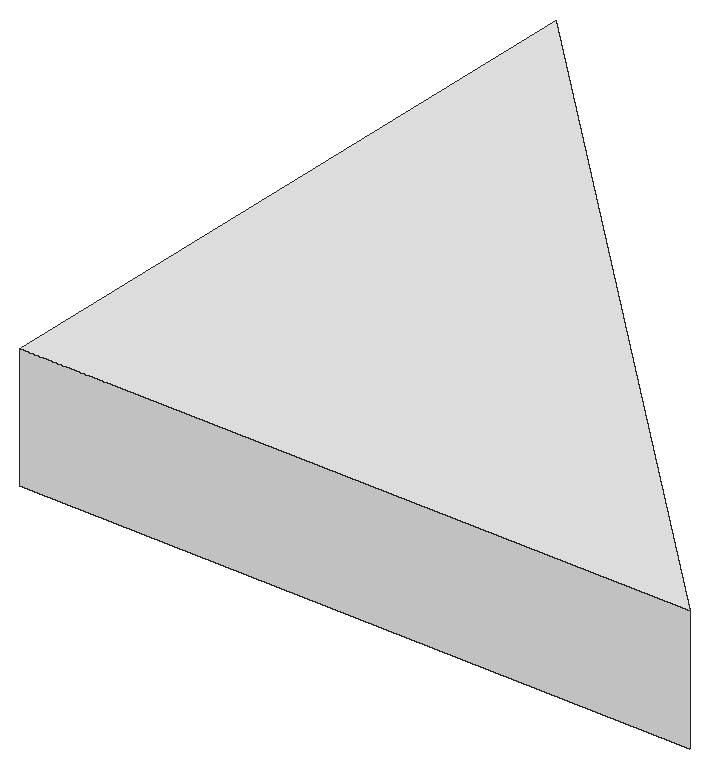
Revit family "SLST2X2", category Lighting Fixtures, host Ceiling, Revit 2023
Family settings
  Host = Ceiling
  Round Connector Dimension = Use Diameter
  Part Type = Normal
  OmniClass Number = 23.80.70.11.14.17
  OmniClass Title = Direct/Indirect
  Always vertical = Yes
  Cut with Voids When Loaded = No
  Light Source = Yes
  Maintain Annotation Orientation = No
  Shared = No
  Room Calculation Point = No
Parameters (values of type "SLST2X2-LED840K032LUNV")
  Width = 1' - 10 1/2"
  Wattage = 34.09 W
  built-in parameter 1150110 = 1 (stored number, unit not read)
  Voltage = 120 V
  URL = "https://viscor.com/products/slst"
  built-in parameter 1114217 = 0.9 (stored number, unit not read)
  Tilt Angle = 90.00°
  built-in parameter 1150109 = 1 (stored number, unit not read)
  built-in parameter 1150134 = 12
  built-in parameter 1150113 = 1 (stored number, unit not read)
  Photometric Web File = "SLST2X2-LED840K032LUNV.IES"
  Model = "SLST"  # constant formula
  Manufacturer = "VISIONEERING by VISCOR"  # constant formula
  Lumens = 3306.39 lm
  built-in parameter 1150115 = 1 (stored number, unit not read)
  built-in parameter 1150105 = 263.11 (stored number, unit not read)
  built-in parameter 1150137 = (empty or 0)
  built-in parameter 1150139 = (empty or 0)
  Lens Finish = Acrylic - Viscor - Opal White Square
  Lens Depth = 0' - 4 11/32"
  Length = 1' - 10 1/2"
  Lamp Wattage = 34.09 VA
  built-in parameter 1150112 = 1 (stored number, unit not read)
  built-in parameter 1150114 = 1 (stored number, unit not read)
  Lamp = "LED"  # constant formula
  built-in parameter 1150132 = (empty or 0)
  built-in parameter 1150102 = (empty or 0)
  built-in parameter 1150138 = (empty or 0)
  built-in parameter 1150107 = 4000 (stored number, unit not read)
  built-in parameter 1150106 = 2.6311 (stored number, unit not read)
  Housing Finish = Metal - Viscor - White
  Emit from Rectangle Width = Width  # 1' - 10 1/2"
  Emit from Rectangle Length = Length  # 1' - 10 1/2"
  Emit from Rectangle Height = Lens Depth  # 0' - 4 11/32"
  Emit Shape Visible in Rendering = no
  built-in parameter 1150104 = 9.0107 (stored number, unit not read)
  Dimming Lamp Color Temperature Shift = <None>
  Description = "Architectural Suspended Luminaire  with Triangular lens"  # constant formula
  Default Elevation = 0' - 0"
  Color Filter = 16777215
  built-in parameter 1114218 = 1 (stored number, unit not read)
  built-in parameter 1150133 = 10 (stored number, unit not read)
  Assembly Code = "D5020200"
  Apparent Load = Lamp Wattage  # 34.09 VA
Types (3): name | Wattage | built-in parameter 1150134 | Photometric Web File | Lumens | built-in parameter 1150105 | Lamp Wattage | built-in parameter 1150107 | built-in parameter 1150106 | built-in parameter 1150104 | Apparent Load
  (no name) | 34.09 W | 12 | "SLST2X2-LED840K032LUNV.IES" | 3306.39 lm | 263.11 (stored number, unit not read) | 34.09 VA | 4000 (stored number, unit not read) | 2.6311 (stored number, unit not read) | 9.0107 (stored number, unit not read) | 34.09 VA
  SLST2X2-LED835K016LUNV | 15.35 W | (empty or 0) | "SLST2X2-LED835K016LUNV.IES" | 1616.2 lm | 128.61 (stored number, unit not read) | 15.35 VA | 3500 (stored number, unit not read) | 1.2861 (stored number, unit not read) | 9.7818 (stored number, unit not read) | 15.35 VA
  SLST2X2-LED840K032LUNV | 34.09 W | 12 | "SLST2X2-LED840K032LUNV.IES" | 3306.39 lm | 263.11 (stored number, unit not read) | 34.09 VA | 4000 (stored number, unit not read) | 2.6311 (stored number, unit not read) | 9.0107 (stored number, unit not read) | 34.09 VA
Reference planes (in)
  plane 1 "Light Source Axis (F/B)": y = 0
  plane 2 "Ceiling": z = 96
  plane 3 "Light Source Axis (L/R)": x = 0
  plane 4 "Light Source Elevation": z = 91.65625
  plane 5: y = 11.25
  plane 6: y = -11.25
  plane 7: x = -11.25
  plane 8: x = 11.25
  plane 9 "Lens Depth": z = 91.65625
  plane 10: x = -11.219
  plane 11: x = 11.219
Forms (in)
  Extrusion 1, solid, material "Metal - Viscor - White" <- "Housing Finish"
    sketch origin (0, 0, 96) x (1, 0, 0) y (0, 1, 0)
      loop
        line (-11.22879, -11.22879) -> (11.27121, -11.22879) -> (-11.22879, 11.27121) -> (-11.22879, -11.22879)
    from -4.125 to 0
  Extrusion 2, void
    sketch origin (0, 0, 96) x (1, 0, 0) y (0, 1, 0)
      loop
        line (-11.15979, -11.15979) -> (11.15979, -11.15979) -> (-11.15979, 11.15979) -> (-11.15979, -11.15979)
    from -4.4361 to -4.046
Cuts and joins
  Extrusion 2 cuts Extrusion 1
Dimensions and locks (in)
  equal spacing: host sketch curve, plane 3 "Light Source Axis (L/R)", host sketch curve
  equal spacing: host sketch curve, plane 1 "Light Source Axis (F/B)", host sketch curve
  host sketch curve to host sketch curve = 10' - 0"  (x2)
  equal spacing: plane 7, plane 3 "Light Source Axis (L/R)", plane 8
  "Length": plane 7 to plane 8
  equal spacing: plane 5, plane 1 "Light Source Axis (F/B)", plane 6
  "Width": plane 5 to plane 6
  "Emit from Rectangle Height": plane 4 "Light Source Elevation" to plane 2 "Ceiling"
  "Lens Depth": plane 2 "Ceiling" to plane 9 "Lens Depth"
  plane 7 to plane 10 to plane 3 "Light Source Axis (L/R)" = 0' - 0.031" locked, 0' - 11.219"
  locked: plane 11 to plane 8 at 0.031
  aligned and locked: plane 3 "Light Source Axis (L/R)" to imposter light
  aligned and locked: plane 1 "Light Source Axis (F/B)" to imposter light
  aligned and locked: plane 4 "Light Source Elevation" to imposter light
  aligned and locked: plane 2 "Ceiling" to Extrusion 1
  aligned and locked: Extrusion 1 to import instance
Automatic sketch dimensions
  Extrusion 1 sketch curve to plane 10 = 0' - 0.00979"
  plane 6 to Extrusion 1 sketch curve = 0' - 0.02121"
  plane 11 to Extrusion 1 sketch curve = 0' - 0.05221"
  plane 5 to Extrusion 1 sketch curve = 0' - 0.02121"
  plane 10 to Extrusion 2 sketch curve = 0' - 0.05921"
  plane 6 to Extrusion 2 sketch curve = 0' - 0.09021"
  Extrusion 2 sketch curve to plane 11 = 0' - 0.05921"
  Extrusion 2 sketch curve to plane 5 = 0' - 0.09021"
Connectors (in)
  electrical at (0, 0, 91.65625), driven by "Voltage", driven by "Apparent Load"
    settings: index 1, voltage 120 V, apparent load 0 VA, apparent load phase1 34.09 VA, apparent load phase2 0 VA, apparent load phase3 0 VA, power factor 1, load classification "Other", number of poles 1, system type 31, power factor state 1, is connector primary yes, connector utility no, sub classification motor no, connector description ""
